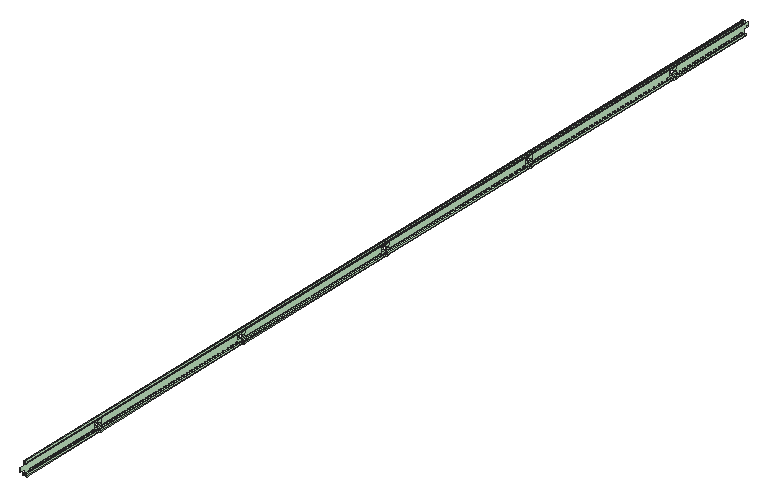
Revit family "eYバー4815メイン(640グリッド用)", category 機械設備, Revit 2020
Family settings
  丸型コネクタ寸法 = 直径を使用
  種別 = なし
  パーツ タイプ = 標準
  作業面ベース = いいえ
  常に垂直 = はい
  ロード時にボイドで切り取り = いいえ
  共有 = いいえ
  部屋計算ポイント = いいえ
Parameters
  製造元 = "株式会社桐井製作所"
  既定の高さ = 0 mm
  URL = "https://www.kirii.co.jp/"
  K_長さ(mm) = 3200 mm
  K_材質 = "溶融亜鉛めっき鋼板及び鋼帯SGCC 一般用　カラー鋼板"
  K_品名 = "eYバー4815メイン(640グリッド用)"
  K_名称 = "Yバー"
  K_入数 = "20"
  K_バージョン情報 = "20250901"
  K_めっき付着量 = "JIS G 3302 Z12、カラー鋼板　塗装膜厚20μ(白色)"
  K_JIS規格 = "JIS G 3302"
Reference planes
  plane 1 "中心(正面/背面)": y = 0
  plane 2: z = 0
  plane 3 "中心(左/右)": x = 0
  plane 4: y = 3200
Forms (mm)
  Extrusion 1, solid
    sketch origin (0, 0, 7.1) x (-1, 0, 0) y (0, 0, 1)
      loop
        arc (6.336, -7.1) -> (7.064, -6.785) -> (7.334, -6.038) r 1
        line (7.334, -6.038) -> (6.959, -0.038)
        arc (6.959, -0.038) -> (6.645, 0.629) -> (5.961, 0.9) r 1
        line (5.961, 0.9) -> (0.4, 0.9) -> (0.4, 31)
        arc (0.4, 31) -> (0.715, 31.465) -> (1.263, 31.343) r 0.5
        arc (1.263, 31.343) -> (1.627, 31.018) -> (2.1, 30.9) r 1.011
        arc (2.1, 30.9) -> (2.736, 31.164) -> (3, 31.8) r 0.9
        line (3, 31.8) -> (3, 39.9)
        arc (3, 39.9) -> (2.473, 40.781) -> (1.448, 40.734) r 1
        line (1.448, 40.734) -> (0, 39.782) -> (-1.448, 40.734)
        arc (-1.448, 40.734) -> (-2.473, 40.781) -> (-3, 39.9) r 1
        line (-3, 39.9) -> (-3, 31.8)
        arc (-3, 31.8) -> (-2.736, 31.164) -> (-2.1, 30.9) r 0.9
        arc (-2.1, 30.9) -> (-1.627, 31.018) -> (-1.263, 31.343) r 1.011
        arc (-1.263, 31.343) -> (-0.715, 31.465) -> (-0.4, 31) r 0.5
        line (-0.4, 31) -> (-0.4, 0.9) -> (-5.961, 0.9)
        arc (-5.961, 0.9) -> (-6.645, 0.629) -> (-6.959, -0.036) r 1
        line (-6.959, -0.036) -> (-7.334, -6.039)
        arc (-7.334, -6.039) -> (-7.064, -6.785) -> (-6.336, -7.1) r 1
        line (-6.336, -7.1) -> (-3.65, -7.1)
        arc (-3.65, -7.1) -> (-3.4, -6.85) -> (-3.65, -6.6) r 0.25
        line (-3.65, -6.6) -> (-6.336, -6.6)
        arc (-6.336, -6.6) -> (-6.7, -6.442) -> (-6.835, -6.069) r 0.5
        line (-6.835, -6.069) -> (-6.46, -0.069)
        arc (-6.46, -0.069) -> (-6.2, 0.339) -> (-5.718, 0.337) r 0.5
        arc (-5.718, 0.337) -> (-5.317, 0.087) -> (-4.852, 0) r 1.28
        line (-4.852, 0) -> (4.852, 0)
        arc (4.852, 0) -> (5.317, 0.087) -> (5.718, 0.337) r 1.28
        arc (5.718, 0.337) -> (6.2, 0.339) -> (6.46, -0.069) r 0.5
        line (6.46, -0.069) -> (6.835, -6.069)
        arc (6.835, -6.069) -> (6.7, -6.442) -> (6.336, -6.6) r 0.5
        line (6.336, -6.6) -> (3.65, -6.6)
        arc (3.65, -6.6) -> (3.4, -6.85) -> (3.65, -7.1) r 0.25
        line (3.65, -7.1) -> (6.336, -7.1)
      loop
        arc (-1.668, 40.4) -> (-2.283, 40.429) -> (-2.6, 39.9) r 0.6
        line (-2.6, 39.9) -> (-2.6, 31.8)
        arc (-2.6, 31.8) -> (-2.302, 31.342) -> (-1.763, 31.431) r 0.5
        line (-1.763, 31.431) -> (-1.063, 31.885)
        arc (-1.063, 31.885) -> (-0.324, 31.692) -> (0, 31) r 0.9
        arc (0, 31) -> (0.324, 31.692) -> (1.063, 31.885) r 0.9
        line (1.063, 31.885) -> (1.763, 31.431)
        arc (1.763, 31.431) -> (2.302, 31.342) -> (2.6, 31.8) r 0.5
        line (2.6, 31.8) -> (2.6, 39.9)
        arc (2.6, 39.9) -> (2.283, 40.429) -> (1.668, 40.4) r 0.6
        line (1.668, 40.4) -> (0.549, 39.664)
        arc (0.549, 39.664) -> (0, 39.5) -> (-0.549, 39.664) r 1
        line (-0.549, 39.664) -> (-1.668, 40.4)
    from 0 to 3200
  Extrusion 2, solid
    sketch origin (0.4, 0, 38.1) x (0, 0, -1) y (0, 1, 0)
      loop
        line (3.661, 0) -> (3.661, -19.4)
        arc (3.661, -19.4) -> (3.954, -20.107) -> (4.661, -20.4) r 1
        line (4.661, -20.4) -> (16.783, -20.4)
        arc (16.783, -20.4) -> (17.49, -20.107) -> (17.783, -19.4) r 1
        line (17.783, -19.4) -> (17.783, 0) -> (17.783, 21.201) -> (3.661, 21.201) -> (3.661, 0)
    from -0.8 to 0
  Extrusion 3, void
    sketch origin (0.4, 660, 38.1) x (0, 0, 1) y (0, 1, 0)
      loop
        line (-5.5, 284.4) -> (-5.5, 315.6) -> (-23.1, 315.6) -> (-23.1, 284.4) -> (-5.5, 284.4)
    from 0 to 0.8
  Extrusion 4, void
    sketch origin (0, 2472.517, 0) x (-1, 0, 0) y (0, -1, 0)
      loop
        line (8.021, 1505.493) -> (8.021, 1520.226) -> (3.318, 1516.682) -> (3.318, 1509.037) -> (8.021, 1505.493)
    from 0 to 10
  Extrusion 5, void
    sketch origin (0, 662.195, 0) x (1, 0, 0) y (0, 1, 0)
      loop
        line (8.021, 290.095) -> (8.021, 304.829) -> (3.318, 301.285) -> (3.318, 293.639) -> (8.021, 290.095)
    from 0 to 10
  Extrusion 6, void
    sketch origin (-0.4, 678.192, 38.412) x (0, 0, 1) y (0, -1, 0)
      loop
        arc (-19.9, -284.4) -> (-14.3, -287.9) -> (-8.7, -284.4) r 6.23
        line (-8.7, -284.4) -> (-19.9, -284.4)
      loop
        arc (-8.7, -297.4) -> (-14.3, -293.9) -> (-19.9, -297.4) r 6.23
        line (-19.9, -297.4) -> (-8.7, -297.4)
    from 1.2 to 3.447
  Extrusion 7, solid
    sketch origin (-0.081, 678.2, -0.26) x (-1, 0, 0) y (0, 0, -1)
      loop
        line (-0.387, -33.66) -> (-0.387, -32.86) -> (-1.476, -32.86) -> (-1.476, -26.291)
        arc (-1.476, -26.291) -> (-2.487, -24.267) -> (-1.487, -22.238) r 2.545
        line (-1.487, -22.238) -> (-1.487, -15.26) -> (-0.387, -15.26) -> (-0.387, -14.46) -> (-2.087, -14.46) -> (-2.088, -21.96)
        arc (-2.088, -21.96) -> (-3.087, -24.26) -> (-2.087, -26.56) r 3.145
        line (-2.087, -26.56) -> (-2.087, -33.66) -> (-0.387, -33.66)
    from -297.4 to -284.4
  Extrusion 8, void
    sketch origin (0.4, 659.992, 38.413) x (0, 0, 1) y (0, 1, 0)
      loop
        line (-19.9, 284.4) -> (-8.7, 284.4)
        arc (-8.7, 284.4) -> (-14.3, 287.9) -> (-19.9, 284.4) r 6.23
      loop
        line (-8.7, 297.4) -> (-19.9, 297.4)
        arc (-19.9, 297.4) -> (-14.3, 293.9) -> (-8.7, 297.4) r 6.23
    from 1.2 to 3.447
  Extrusion 9, solid
    sketch origin (0.081, 660, -0.26) x (1, 0, 0) y (0, 0, 1)
      loop
        line (-0.387, 33.66) -> (-2.087, 33.66) -> (-2.087, 26.56)
        arc (-2.087, 26.56) -> (-3.087, 24.26) -> (-2.088, 21.96) r 3.145
        line (-2.088, 21.96) -> (-2.087, 14.46) -> (-0.387, 14.46) -> (-0.387, 15.26) -> (-1.487, 15.26) -> (-1.487, 22.238)
        arc (-1.487, 22.238) -> (-2.487, 24.267) -> (-1.476, 26.291) r 2.545
        line (-1.476, 26.291) -> (-1.476, 32.86) -> (-0.387, 32.86) -> (-0.387, 33.66)
    from -297.4 to -284.4
  Extrusion 10, void
    sketch origin (0, 0, 0) x (0, 1, 0) y (0, 0, 1)
      loop
        line (-9.2, 28.314) -> (-16.4, 28.314) -> (-16.4, 23.514) -> (-9.2, 23.514) -> (-9.2, 28.314)
    from -0.4 to 0.4
  Extrusion 11, void
    sketch origin (0.4, 1300, 38.1) x (0, 0, 1) y (0, 1, 0)
      loop
        line (-5.5, 284.4) -> (-5.5, 315.6) -> (-23.1, 315.6) -> (-23.1, 284.4) -> (-5.5, 284.4)
    from 0 to 0.8
  Extrusion 12, void
    sketch origin (0, 1303.014, 0) x (1, 0, 0) y (0, 1, 0)
      loop
        line (8.021, 290.095) -> (8.021, 304.829) -> (3.318, 301.285) -> (3.318, 293.639) -> (8.021, 290.095)
    from 0 to 10
  Extrusion 13, void
    sketch origin (0, 3113.335, 0) x (-1, 0, 0) y (0, -1, 0)
      loop
        line (8.021, 1505.493) -> (8.021, 1520.226) -> (3.318, 1516.682) -> (3.318, 1509.037) -> (8.021, 1505.493)
    from 0 to 10
  Extrusion 14, void
    sketch origin (-0.4, 1318.192, 38.412) x (0, 0, 1) y (0, -1, 0)
      loop
        arc (-19.9, -284.4) -> (-14.3, -287.9) -> (-8.7, -284.4) r 6.23
        line (-8.7, -284.4) -> (-19.9, -284.4)
      loop
        arc (-8.7, -297.4) -> (-14.3, -293.9) -> (-19.9, -297.4) r 6.23
        line (-19.9, -297.4) -> (-8.7, -297.4)
    from 1.2 to 3.447
  Extrusion 15, solid
    sketch origin (-0.081, 1318.2, -0.26) x (-1, 0, 0) y (0, 0, -1)
      loop
        line (-0.387, -33.66) -> (-0.387, -32.86) -> (-1.476, -32.86) -> (-1.476, -26.291)
        arc (-1.476, -26.291) -> (-2.487, -24.267) -> (-1.487, -22.238) r 2.545
        line (-1.487, -22.238) -> (-1.487, -15.26) -> (-0.387, -15.26) -> (-0.387, -14.46) -> (-2.087, -14.46) -> (-2.088, -21.96)
        arc (-2.088, -21.96) -> (-3.087, -24.26) -> (-2.087, -26.56) r 3.145
        line (-2.087, -26.56) -> (-2.087, -33.66) -> (-0.387, -33.66)
    from -297.4 to -284.4
  Extrusion 16, void
    sketch origin (0.4, 1299.992, 38.413) x (0, 0, 1) y (0, 1, 0)
      loop
        line (-19.9, 284.4) -> (-8.7, 284.4)
        arc (-8.7, 284.4) -> (-14.3, 287.9) -> (-19.9, 284.4) r 6.23
      loop
        line (-8.7, 297.4) -> (-19.9, 297.4)
        arc (-19.9, 297.4) -> (-14.3, 293.9) -> (-8.7, 297.4) r 6.23
    from 1.2 to 3.447
  Extrusion 17, solid
    sketch origin (0.081, 1300, -0.26) x (1, 0, 0) y (0, 0, 1)
      loop
        line (-0.387, 33.66) -> (-2.087, 33.66) -> (-2.087, 26.56)
        arc (-2.087, 26.56) -> (-3.087, 24.26) -> (-2.088, 21.96) r 3.145
        line (-2.088, 21.96) -> (-2.087, 14.46) -> (-0.387, 14.46) -> (-0.387, 15.26) -> (-1.487, 15.26) -> (-1.487, 22.238)
        arc (-1.487, 22.238) -> (-2.487, 24.267) -> (-1.476, 26.291) r 2.545
        line (-1.476, 26.291) -> (-1.476, 32.86) -> (-0.387, 32.86) -> (-0.387, 33.66)
    from -297.4 to -284.4
  Extrusion 18, void
    sketch origin (0.4, 1940, 38.1) x (0, 0, 1) y (0, 1, 0)
      loop
        line (-5.5, 284.4) -> (-5.5, 315.6) -> (-23.1, 315.6) -> (-23.1, 284.4) -> (-5.5, 284.4)
    from 0 to 0.8
  Extrusion 19, void
    sketch origin (0, 3753.334, 0) x (-1, 0, 0) y (0, -1, 0)
      loop
        line (8.021, 1505.493) -> (8.021, 1520.226) -> (3.318, 1516.682) -> (3.318, 1509.037) -> (8.021, 1505.493)
    from 0 to 10
  Extrusion 20, void
    sketch origin (0, 1943.012, 0) x (1, 0, 0) y (0, 1, 0)
      loop
        line (8.021, 290.095) -> (8.021, 304.829) -> (3.318, 301.285) -> (3.318, 293.639) -> (8.021, 290.095)
    from 0 to 10
  Extrusion 21, void
    sketch origin (-0.4, 1958.192, 38.412) x (0, 0, 1) y (0, -1, 0)
      loop
        arc (-19.9, -284.4) -> (-14.3, -287.9) -> (-8.7, -284.4) r 6.23
        line (-8.7, -284.4) -> (-19.9, -284.4)
      loop
        arc (-8.7, -297.4) -> (-14.3, -293.9) -> (-19.9, -297.4) r 6.23
        line (-19.9, -297.4) -> (-8.7, -297.4)
    from 1.2 to 3.447
  Extrusion 22, solid
    sketch origin (-0.081, 1958.2, -0.26) x (-1, 0, 0) y (0, 0, -1)
      loop
        line (-0.387, -33.66) -> (-0.387, -32.86) -> (-1.476, -32.86) -> (-1.476, -26.291)
        arc (-1.476, -26.291) -> (-2.487, -24.267) -> (-1.487, -22.238) r 2.545
        line (-1.487, -22.238) -> (-1.487, -15.26) -> (-0.387, -15.26) -> (-0.387, -14.46) -> (-2.087, -14.46) -> (-2.088, -21.96)
        arc (-2.088, -21.96) -> (-3.087, -24.26) -> (-2.087, -26.56) r 3.145
        line (-2.087, -26.56) -> (-2.087, -33.66) -> (-0.387, -33.66)
    from -297.4 to -284.4
  Extrusion 23, void
    sketch origin (0.4, 1939.992, 38.413) x (0, 0, 1) y (0, 1, 0)
      loop
        line (-19.9, 284.4) -> (-8.7, 284.4)
        arc (-8.7, 284.4) -> (-14.3, 287.9) -> (-19.9, 284.4) r 6.23
      loop
        line (-8.7, 297.4) -> (-19.9, 297.4)
        arc (-19.9, 297.4) -> (-14.3, 293.9) -> (-8.7, 297.4) r 6.23
    from 1.2 to 3.447
  Extrusion 24, solid
    sketch origin (0.081, 1940, -0.26) x (1, 0, 0) y (0, 0, 1)
      loop
        line (-0.387, 33.66) -> (-2.087, 33.66) -> (-2.087, 26.56)
        arc (-2.087, 26.56) -> (-3.087, 24.26) -> (-2.088, 21.96) r 3.145
        line (-2.088, 21.96) -> (-2.087, 14.46) -> (-0.387, 14.46) -> (-0.387, 15.26) -> (-1.487, 15.26) -> (-1.487, 22.238)
        arc (-1.487, 22.238) -> (-2.487, 24.267) -> (-1.476, 26.291) r 2.545
        line (-1.476, 26.291) -> (-1.476, 32.86) -> (-0.387, 32.86) -> (-0.387, 33.66)
    from -297.4 to -284.4
  Extrusion 25, void
    sketch origin (0.4, 2580, 38.1) x (0, 0, 1) y (0, 1, 0)
      loop
        line (-5.5, 284.4) -> (-5.5, 315.6) -> (-23.1, 315.6) -> (-23.1, 284.4) -> (-5.5, 284.4)
    from 0 to 0.8
  Extrusion 26, void
    sketch origin (0, 4392.845, 0) x (-1, 0, 0) y (0, -1, 0)
      loop
        line (8.021, 1505.493) -> (8.021, 1520.226) -> (3.318, 1516.682) -> (3.318, 1509.037) -> (8.021, 1505.493)
    from 0 to 10
  Extrusion 27, void
    sketch origin (0, 2582.523, 0) x (1, 0, 0) y (0, 1, 0)
      loop
        line (8.021, 290.095) -> (8.021, 304.829) -> (3.318, 301.285) -> (3.318, 293.639) -> (8.021, 290.095)
    from 0 to 10
  Extrusion 28, void
    sketch origin (-0.4, 2598.192, 38.412) x (0, 0, 1) y (0, -1, 0)
      loop
        arc (-19.9, -284.4) -> (-14.3, -287.9) -> (-8.7, -284.4) r 6.23
        line (-8.7, -284.4) -> (-19.9, -284.4)
      loop
        arc (-8.7, -297.4) -> (-14.3, -293.9) -> (-19.9, -297.4) r 6.23
        line (-19.9, -297.4) -> (-8.7, -297.4)
    from 1.2 to 3.447
  Extrusion 29, solid
    sketch origin (-0.081, 2598.2, -0.26) x (-1, 0, 0) y (0, 0, -1)
      loop
        line (-0.387, -33.66) -> (-0.387, -32.86) -> (-1.476, -32.86) -> (-1.476, -26.291)
        arc (-1.476, -26.291) -> (-2.487, -24.267) -> (-1.487, -22.238) r 2.545
        line (-1.487, -22.238) -> (-1.487, -15.26) -> (-0.387, -15.26) -> (-0.387, -14.46) -> (-2.087, -14.46) -> (-2.088, -21.96)
        arc (-2.088, -21.96) -> (-3.087, -24.26) -> (-2.087, -26.56) r 3.145
        line (-2.087, -26.56) -> (-2.087, -33.66) -> (-0.387, -33.66)
    from -297.4 to -284.4
  Extrusion 30, void
    sketch origin (0.4, 2579.992, 38.413) x (0, 0, 1) y (0, 1, 0)
      loop
        line (-19.9, 284.4) -> (-8.7, 284.4)
        arc (-8.7, 284.4) -> (-14.3, 287.9) -> (-19.9, 284.4) r 6.23
      loop
        line (-8.7, 297.4) -> (-19.9, 297.4)
        arc (-19.9, 297.4) -> (-14.3, 293.9) -> (-8.7, 297.4) r 6.23
    from 1.2 to 3.447
  Extrusion 31, solid
    sketch origin (0.081, 2580, -0.26) x (1, 0, 0) y (0, 0, 1)
      loop
        line (-0.387, 33.66) -> (-2.087, 33.66) -> (-2.087, 26.56)
        arc (-2.087, 26.56) -> (-3.087, 24.26) -> (-2.088, 21.96) r 3.145
        line (-2.088, 21.96) -> (-2.087, 14.46) -> (-0.387, 14.46) -> (-0.387, 15.26) -> (-1.487, 15.26) -> (-1.487, 22.238)
        arc (-1.487, 22.238) -> (-2.487, 24.267) -> (-1.476, 26.291) r 2.545
        line (-1.476, 26.291) -> (-1.476, 32.86) -> (-0.387, 32.86) -> (-0.387, 33.66)
    from -297.4 to -284.4
  Extrusion 32, void
    sketch origin (0.4, 20, 38.1) x (0, 0, 1) y (0, 1, 0)
      loop
        line (-5.5, 284.4) -> (-5.5, 315.6) -> (-23.1, 315.6) -> (-23.1, 284.4) -> (-5.5, 284.4)
    from 0 to 0.8
  Extrusion 33, void
    sketch origin (0.4, 20, 38.413) x (0, 0, 1) y (0, 1, 0)
      loop
        line (-19.9, 284.4) -> (-8.7, 284.4)
        arc (-8.7, 284.4) -> (-14.3, 287.9) -> (-19.9, 284.4) r 6.23
      loop
        line (-8.7, 297.4) -> (-19.9, 297.4)
        arc (-19.9, 297.4) -> (-14.3, 293.9) -> (-8.7, 297.4) r 6.23
    from 1.2 to 3.447
  Extrusion 34, void
    sketch origin (0, 22.538, 0) x (1, 0, 0) y (0, 1, 0)
      loop
        line (8.021, 290.095) -> (8.021, 304.829) -> (3.318, 301.285) -> (3.318, 293.639) -> (8.021, 290.095)
    from 0 to 10
  Extrusion 35, void
    sketch origin (0, 22.538, 0) x (-1, 0, 0) y (0, -1, 0)
      loop
        line (8.021, -290.095) -> (3.318, -293.639) -> (3.318, -301.285) -> (8.021, -304.829) -> (8.021, -290.095)
    from 0 to 10
  Extrusion 36, solid
    sketch origin (0.081, 20.008, -0.26) x (1, 0, 0) y (0, 0, 1)
      loop
        line (-0.387, 33.66) -> (-2.087, 33.66) -> (-2.087, 26.56)
        arc (-2.087, 26.56) -> (-3.087, 24.26) -> (-2.088, 21.96) r 3.145
        line (-2.088, 21.96) -> (-2.087, 14.46) -> (-0.387, 14.46) -> (-0.387, 15.26) -> (-1.487, 15.26) -> (-1.487, 22.238)
        arc (-1.487, 22.238) -> (-2.487, 24.267) -> (-1.476, 26.291) r 2.545
        line (-1.476, 26.291) -> (-1.476, 32.86) -> (-0.387, 32.86) -> (-0.387, 33.66)
    from -297.4 to -284.4
  Extrusion 37, void
    sketch origin (-0.4, 38.192, 38.413) x (0, 0, 1) y (0, -1, 0)
      loop
        arc (-19.9, -284.4) -> (-14.3, -287.9) -> (-8.7, -284.4) r 6.23
        line (-8.7, -284.4) -> (-19.9, -284.4)
      loop
        arc (-8.7, -297.4) -> (-14.3, -293.9) -> (-19.9, -297.4) r 6.23
        line (-19.9, -297.4) -> (-8.7, -297.4)
    from 1.2 to 3.447
  Extrusion 38, solid
    sketch origin (-0.081, 38.2, -0.26) x (-1, 0, 0) y (0, 0, -1)
      loop
        line (-0.387, -33.66) -> (-0.387, -32.86) -> (-1.476, -32.86) -> (-1.476, -26.291)
        arc (-1.476, -26.291) -> (-2.487, -24.267) -> (-1.487, -22.238) r 2.545
        line (-1.487, -22.238) -> (-1.487, -15.26) -> (-0.387, -15.26) -> (-0.387, -14.46) -> (-2.087, -14.46) -> (-2.088, -21.96)
        arc (-2.088, -21.96) -> (-3.087, -24.26) -> (-2.087, -26.56) r 3.145
        line (-2.087, -26.56) -> (-2.087, -33.66) -> (-0.387, -33.66)
    from -297.4 to -284.4
  Extrusion 39, solid
    sketch origin (0.4, 3200, 38.1) x (0, 0, -1) y (0, 1, 0)
      loop
        line (3.661, 0) -> (3.661, -21.201) -> (17.783, -21.201) -> (17.783, 0) -> (17.783, 19.4)
        arc (17.783, 19.4) -> (17.49, 20.107) -> (16.783, 20.4) r 1
        line (16.783, 20.4) -> (4.661, 20.4)
        arc (4.661, 20.4) -> (3.954, 20.107) -> (3.661, 19.4) r 1
        line (3.661, 19.4) -> (3.661, 0)
    from -0.8 to 0
  Extrusion 40, void
    sketch origin (0, 3200, 0) x (0, -1, 0) y (0, 0, -1)
      loop
        line (-9.2, -28.314) -> (-9.2, -23.514) -> (-16.4, -23.514) -> (-16.4, -28.314) -> (-9.2, -28.314)
    from -0.4 to 0.4
Cuts and joins
  Extrusion 3, Extrusion 4, Extrusion 5, Extrusion 10, Extrusion 11, Extrusion 12, Extrusion 13, Extrusion 18, Extrusion 19, Extrusion 20, Extrusion 25, Extrusion 26, Extrusion 27, Extrusion 32, Extrusion 34, Extrusion 35, Extrusion 40 cuts Extrusion 1
  Extrusion 3, Extrusion 4, Extrusion 10, Extrusion 11, Extrusion 12, Extrusion 13, Extrusion 18, Extrusion 19, Extrusion 20, Extrusion 25, Extrusion 26, Extrusion 27, Extrusion 32, Extrusion 34, Extrusion 35, Extrusion 40 cuts Extrusion 2
  Extrusion 14, Extrusion 18, Extrusion 19, Extrusion 20, Extrusion 25, Extrusion 26, Extrusion 27, Extrusion 32, Extrusion 34, Extrusion 35, Extrusion 40 cuts Extrusion 15
  Extrusion 16, Extrusion 18, Extrusion 19, Extrusion 20, Extrusion 25, Extrusion 26, Extrusion 27, Extrusion 32, Extrusion 34, Extrusion 35, Extrusion 40 cuts Extrusion 17
  Extrusion 21, Extrusion 25, Extrusion 26, Extrusion 27, Extrusion 32, Extrusion 34, Extrusion 35, Extrusion 40 cuts Extrusion 22
  Extrusion 23, Extrusion 25, Extrusion 26, Extrusion 27, Extrusion 32, Extrusion 34, Extrusion 35, Extrusion 40 cuts Extrusion 24
  Extrusion 28, Extrusion 32, Extrusion 34, Extrusion 35, Extrusion 40 cuts Extrusion 29
  Extrusion 30, Extrusion 32, Extrusion 34, Extrusion 35, Extrusion 40 cuts Extrusion 31
  Extrusion 33, Extrusion 40 cuts Extrusion 36
  Extrusion 37, Extrusion 40 cuts Extrusion 38
  Extrusion 40 cuts Extrusion 39
  joined: Extrusion 1, Extrusion 2, Extrusion 15, Extrusion 17, Extrusion 22, Extrusion 24, Extrusion 29, Extrusion 31, Extrusion 36, Extrusion 38, Extrusion 39
  Extrusion 6 cuts Extrusion 7
  Extrusion 8 cuts Extrusion 9
Dimensions and locks
  plane 4 to plane 1 "中心(正面/背面)" = 3200 mm
  aligned and locked: level to plane 2
  aligned and locked: plane 4 to Extrusion 1
